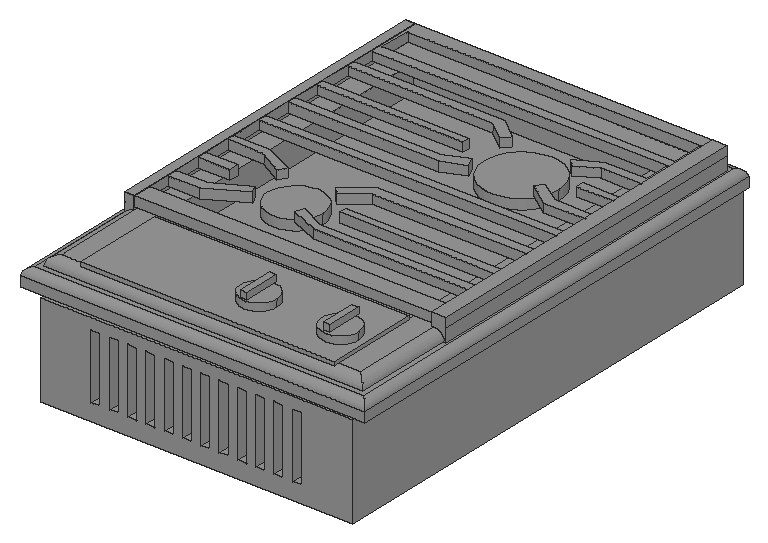
Revit family "CG152T_5610329", category Generic Models, Revit 2015
Parameters
  URL = "www.yepsketch.com"
  Model = "CG152T_5610329"
  Manufacturer = "SUBZERO WOLF"
  Author = "Yepsketch"
Reference planes
  plane 1 "Center (Front/Back)": y = 0
  plane 2: z = 0
  plane 3 "Center (Left/Right)": x = 0
  plane 4: x = 381
  plane 5: y = -533
  plane 6: z = 102
Forms (mm)
  Extrusion 1, solid, material "STAINLESS STEEL"
    sketch origin (0, 0, 0) x (1, 0, 0) y (0, 0, 1)
      loop
        line (25.155, 102) -> (25.155, 0) -> (365.445, 0) -> (365.445, 102) -> (25.155, 102)
      loop
        line (309.674, 18.399) -> (309.674, 89.814) -> (299.674, 89.814) -> (299.674, 18.399) -> (309.674, 18.399)
      loop
        line (289.674, 18.399) -> (289.674, 89.814) -> (279.674, 89.814) -> (279.674, 18.399) -> (289.674, 18.399)
      loop
        line (269.674, 18.399) -> (269.674, 89.814) -> (259.674, 89.814) -> (259.674, 18.399) -> (269.674, 18.399)
      loop
        line (249.674, 18.399) -> (249.674, 89.814) -> (239.674, 89.814) -> (239.674, 18.399) -> (249.674, 18.399)
      loop
        line (229.674, 18.399) -> (229.674, 89.814) -> (219.674, 89.814) -> (219.674, 18.399) -> (229.674, 18.399)
      loop
        line (209.674, 18.399) -> (209.674, 89.814) -> (199.674, 89.814) -> (199.674, 18.399) -> (209.674, 18.399)
      loop
        line (189.674, 18.399) -> (189.674, 89.814) -> (179.674, 89.814) -> (179.674, 18.399) -> (189.674, 18.399)
      loop
        line (169.674, 18.399) -> (169.674, 89.814) -> (159.674, 89.814) -> (159.674, 18.399) -> (169.674, 18.399)
      loop
        line (149.674, 18.399) -> (149.674, 89.814) -> (139.674, 89.814) -> (139.674, 18.399) -> (149.674, 18.399)
      loop
        line (129.674, 18.399) -> (129.674, 89.814) -> (119.674, 89.814) -> (119.674, 18.399) -> (129.674, 18.399)
      loop
        line (109.674, 18.399) -> (109.674, 89.814) -> (99.674, 89.814) -> (99.674, 18.399) -> (109.674, 18.399)
      loop
        line (89.674, 18.399) -> (89.674, 89.814) -> (79.674, 89.814) -> (79.674, 18.399) -> (89.674, 18.399)
    from 0 to 533
  Sweep 2, solid, material "STAINLESS STEEL"
    path origin (0, 0, 0) x (1, 0, 0) y (0, 1, 0)
      loop
        line (11.756, -18.485) -> (11.756, -518.485) -> (365.445, -518.485) -> (365.445, -18.485) -> (11.756, -18.485)
    profile origin (11.756, -268.485, 0) x (1, 0, 0) y (0, 0, 1)
      loop
        line (-11.756, 102) -> (38.244, 102) -> (38.244, 132) -> (13.244, 132)
        arc (13.244, 132) -> (5.744, 128.893) -> (2.637, 121.393) r 10.607
        line (2.637, 121.393) -> (-3.214, 121.393)
        arc (-3.214, 121.393) -> (-9.254, 118.892) -> (-11.756, 112.852) r 8.542
        line (-11.756, 112.852) -> (-11.756, 102)
  Extrusion 3, solid, material "Acetal Resin, Black"
    sketch origin (0, 0, 0) x (1, 0, 0) y (0, 1, 0)
      loop
        line (50, -509.65) -> (327.201, -509.65) -> (327.201, -408.8) -> (50, -408.8) -> (50, -509.65)
    from 102 to 135.303
  Extrusion 4, solid, material "Acetal Resin, Black"
    sketch origin (0, 0, 0) x (1, 0, 0) y (0, 1, 0)
      loop
        circle (245.731, -152.209) r 40.766
      loop
        circle (124.743, -310.123) r 30
    from 121.393 to 132
  Extrusion 5, solid, material "Acetal Resin, Black"
    sketch origin (0, 0, 0) x (1, 0, 0) y (0, 1, 0)
      loop
        line (14.393, -21.123) -> (14.393, -405.05) -> (365.445, -405.05) -> (365.445, -21.123) -> (14.393, -21.123)
      loop
        line (350.155, -385.074) -> (350.155, -354.329) -> (179.674, -354.329) -> (148.326, -341.023) -> (152.71, -332.035) -> (179.674, -345.186) -> (350.155, -345.186) -> (350.155, -317.995) -> (179.674, -317.995) -> (179.674, -310.431) -> (350.155, -310.431) -> (350.155, -275.431) -> (180.596, -275.431) -> (157.614, -294.715) -> (150.543, -287.644) -> (177.355, -265.146) -> (350.155, -265.146) -> (350.155, -235.146) -> (25.155, -235.146) -> (25.155, -270.146) -> (64.415, -270.146) -> (96.136, -284.938) -> (91.136, -293.598) -> (65.155, -278.598) -> (25.155, -278.598) -> (25.155, -308.598) -> (60.155, -308.598) -> (60.155, -318.598) -> (25.155, -318.598) -> (25.155, -348.598) -> (60.032, -348.598) -> (94.674, -328.598) -> (99.674, -337.258) -> (60.155, -360.074) -> (25.155, -360.074) -> (25.155, -385.074) -> (350.155, -385.074)
      loop
        line (28.074, -35.65) -> (28.074, -70.65) -> (348.074, -70.65) -> (348.074, -35.65) -> (28.074, -35.65)
      loop
        line (348.074, -80.65) -> (25.155, -80.65) -> (25.155, -105.65) -> (189.674, -105.65) -> (211.76, -123.535) -> (205.467, -131.307) -> (184.326, -114.187) -> (25.155, -114.187) -> (25.155, -149.187) -> (185.155, -149.187) -> (185.155, -156.389) -> (25.155, -156.389) -> (25.155, -186.389) -> (185.155, -186.389) -> (209.674, -174.956) -> (215.005, -186.389) -> (189.674, -195.609) -> (25.155, -195.609) -> (25.155, -225.609) -> (350.155, -225.609) -> (350.155, -195.609) -> (305.155, -195.609) -> (279.674, -178.53) -> (286.745, -171.459) -> (309.02, -186.389) -> (350.155, -186.389) -> (350.155, -156.389) -> (309.674, -156.389) -> (309.674, -148.53) -> (350.155, -148.53) -> (350.155, -118.53) -> (305.155, -118.53) -> (283.504, -131.03) -> (276.433, -123.959) -> (302.414, -108.959) -> (348.074, -108.959) -> (348.074, -80.65)
    from 135.303 to 145.433
  Extrusion 6, solid, material "STAINLESS STEEL"
    sketch origin (0, 0, 0) x (1, 0, 0) y (0, 1, 0)
      loop
        circle (209.674, -466.217) r 20
      loop
        circle (299.674, -467.382) r 20
    from 135.303 to 143.093
  Extrusion 7, solid, material "Acetal Resin, Black"
    sketch origin (0, 0, 0) x (1, 0, 0) y (0, 1, 0)
      loop
        line (206.166, -446.791) -> (206.166, -486.12) -> (212.888, -486.12) -> (212.888, -446.791) -> (206.166, -446.791)
    from 145.433 to 152.479
  Extrusion 8, solid, material "Acetal Resin, Black"
    sketch origin (90, 0, 0) x (1, 0, 0) y (0, 1, 0)
      loop
        line (206.166, -446.791) -> (206.166, -486.12) -> (212.888, -486.12) -> (212.888, -446.791) -> (206.166, -446.791)
    from 145.433 to 152.479
  Extrusion 9, solid, material "Acetal Resin, Black"
    sketch origin (0, 0, 0) x (1, 0, 0) y (0, 0, 1)
      loop
        line (14.393, 145.433) -> (14.393, 121.393) -> (24.313, 121.393) -> (24.313, 145.433) -> (14.393, 145.433)
    from 21.123 to 405.05
  Extrusion 10, solid, material "Acetal Resin, Black"
    sketch origin (0, 0, 0) x (1, 0, 0) y (0, 0, 1)
      loop
        line (365.445, 145.433) -> (349.92, 145.433) -> (349.92, 121.393) -> (365.445, 121.393) -> (365.445, 145.433)
    from 21.123 to 405.05
Dimensions and locks
  aligned and locked: plane 2 to level
